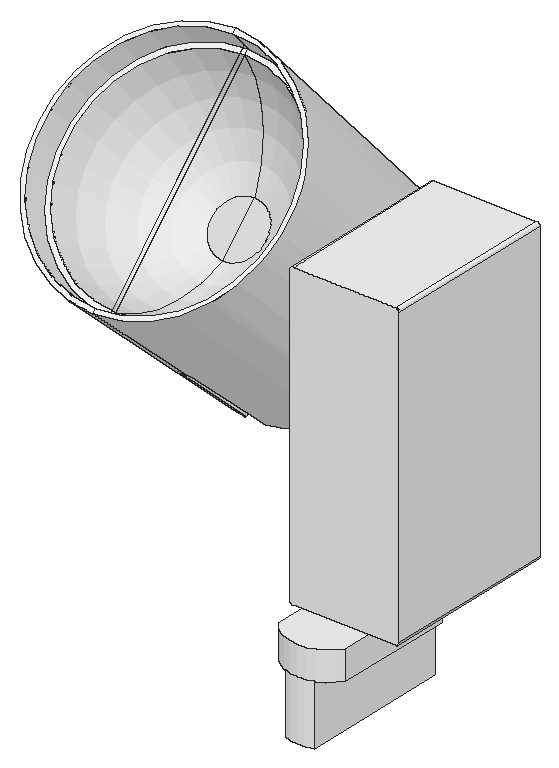
Revit family "0004882 Feilo Sylvania Lighting Fixture START TRACK SPOT L 55W 4K RA90 WB WHITE", category Lighting Fixtures, host Face, Revit 2017 (continued)
Definition of nested family "Start Track Spot Head"
  Types (96, lengths in mm): name | Wattage | built-in parameter 1150134 | Photometric Web File | Model | built-in parameter 1150105 | Lumens | built-in parameter 1150107 | built-in parameter 1150106 | HeadThickness_FEILO | HeadRibOffset_FEILO | HeadRibDepth_FEILO | HeadRibCutWidth_FEILO | HeadRibCutOffset_FEILO | HeadReflectorRadius_FEILO | HeadReflectorOffset_FEILO | HeadLEDRadius_FEILO | HeadHeight_FEILO | HeadDiffusorOffset_FEILO | HeadDiaOut_FEILO | HeadDiaIn_FEILO | HeadAxisFromTop_FEILO | Emit from Circle Diameter | built-in parameter 1150104 | Description | Apparent Load
    0004812 START TRACK SPOT S 14W 3K RA80 MB WHITE | 14 W | (empty or 0) | "0004812.ies" | "START TRACK SPOT S 14W 3K RA80 MB WHITE" | 120.32 (stored number, unit not read) | 1512 lm | 3000 (stored number, unit not read) | 1.2032 (stored number, unit not read) | 1.5 | 4.179 | 55.714 | 7.167 | 50.87 | 50.588 | 55.714 | 9.556 | 117 | 9.435 | 86 | 77.477 | 69.354 | 77.477 | 10.034 (stored number, unit not read) | "Integrated LED spotlight, Textured White - RAL9016, compact and minimalist design, ideal for retail applications, die-cast aluminium body, passive cooling heatsink. Beam angle: 36°, color temperature: 3000K , total system power: 14W, total fixture output: 1508 lm, LOR: 100%, colour rendering: Ra: 80 typical, LED Chromaticity: 3 step MacAdam ellipse, lifetime: >50000 hours at L70B50, energy class: A++, A+, A, IR/UV free light source without heat radiation, operating voltage: 220-240V / 50-60Hz, drive current: 350mA, electronic driver, non-dimmable, power factor: 0.92, electrical protection: Class II, Global Track 3 Phase adapter suitable for Global trac 3-circuit tracks, ingress protection rating: IP20, suitable for internal environment only, horizontal rotation: 355°, vertical tilt: 90°, dimensions: Ø86x140x200, weight: 0.940kg." | 14 VA
    0004811 START TRACK SPOT S 14W 3K RA80 NB WHITE | 14 W | (empty or 0) | "0004811.ies" | "START TRACK SPOT S 14W 3K RA80 NB WHITE" | 123.66 (stored number, unit not read) | 1554 lm | 3000 (stored number, unit not read) | 1.2366 (stored number, unit not read) | 1.5 | 4.179 | 55.714 | 7.167 | 50.87 | 50.588 | 55.714 | 9.556 | 117 | 9.435 | 86 | 77.477 | 69.354 | 77.477 | 10.312 (stored number, unit not read) | "Integrated LED spotlight, Textured White - RAL9016, compact and minimalist design, ideal for retail applications, die-cast aluminium body, passive cooling heatsink. Beam angle: 12°, color temperature: 3000K , total system power: 14W, total fixture output: 1551 lm, LOR: 100%, colour rendering: Ra: 80 typical, LED Chromaticity: 3 step MacAdam ellipse, lifetime: >50000 hours at L70B50, energy class: A++, A+, A, IR/UV free light source without heat radiation, operating voltage: 220-240V / 50-60Hz, drive current: 350mA, electronic driver, non-dimmable, power factor: 0.92, electrical protection: Class II, Global Track 3 Phase adapter suitable for Global trac 3-circuit tracks, ingress protection rating: IP20, suitable for internal environment only, horizontal rotation: 355°, vertical tilt: 90°, dimensions: Ø86x140x200, weight: 0.940kg." | 14 VA
  Reference planes
    plane 1 "Center (Front/Back)": y = 0
    plane 2: z = 0
    plane 3 "Center (Left/Right)": x = 0
    plane 4: x = 43
    plane 5: x = -43
    plane 6: x = -38.739
    plane 7: x = 38.739
    plane 8: z = 69.354
    plane 9: z = -47.646
    plane 10: x = -41.5
    plane 11: x = -37.239
    plane 12: z = -38.211
    plane 13: z = -35.211
    plane 14: z = 8.068
    plane 15: x = -9.556
    plane 16: x = -28.667
    plane 17: x = -19.111
    plane 18: x = -27.167
    plane 19: x = -17.611
    plane 20: x = -8.056
    plane 21: z = 13.64
    plane 22: x = -29.667
    plane 23: x = -26.167
    plane 24: x = -20.111
    plane 25: x = -16.611
    plane 26: x = -10.556
    plane 27: x = -7.056
    plane 28: x = -36.239
    plane 29: x = -40.5
    plane 30: z = 65.175
    plane 31: z = 60.997
    plane 32: z = 56.818
    plane 33: z = 18.484
    plane 34: y = -43
    plane 35: y = 43
    plane 36: y = 3.583
    plane 37: y = -3.583
    plane 38: y = -2.583
    plane 39: y = 2.583
    plane 40: y = 46
    plane 41: z = 13.5
    plane 42: z = -13.5
    plane 43: y = 39
    plane 44: x = 4.708
    plane 45: x = -2.458
    plane 46: x = -1.458
    plane 47: x = 1.458
  Forms (mm)
    Extrusion 1, solid
      sketch origin (4.2, 0, 0) x (1, 0, 0) y (0, 1, 0)
        loop
          line (-1219.2, 1219.2) -> (-1219.2, -1219.2) -> (1219.2, -1219.2) -> (1219.2, 1219.2) -> (-1219.2, 1219.2)
      from 0 to -68.017
    Revolve 2, solid, material <- "Material_1_FEILO", detail levels medium+fine
      sketch origin (0, 0, 0) x (1, 0, 0) y (0, 0, 1)
        loop
          line (-43, -47.646) -> (-41.5, -47.646) -> (-40.5, -35.211) -> (-38.739, -35.211)
          arc (-38.739, -35.211) -> (-30.16, -9.517) -> (-9.556, 8.068) r 50.588
          line (-9.556, 8.068) -> (0, 8.068) -> (0, 13.64) -> (-16.611, 13.64) -> (-17.611, 60.997) -> (-19.111, 60.997) -> (-20.111, 13.64) -> (-36.239, 13.64) -> (-37.239, 69.354) -> (-38.739, 69.354) -> (-43, -47.646)
        axis (0, 69.354) -> (0, -47.646)
      angle from 360 to 0
    Extrusion 3, void
      sketch origin (0, 0, 0) x (0, 1, 0) y (0, 0, 1)
        loop
          line (-3.583, 69.354) -> (-2.583, 18.484) -> (1.932, 18.484) -> (2.932, 69.354) -> (-3.583, 69.354)
      from 43 to -43
    Revolve 4, solid, material <- "Material_2_FEILO", detail levels medium+fine
      sketch origin (0, 0, 0) x (1, 0, 0) y (0, 0, 1)
        loop
          line (-41.5, -38.211) -> (0, -38.211) -> (0, -35.211) -> (-41.5, -35.211) -> (-41.5, -38.211)
        axis (0, -35.211) -> (0, -38.211)
      angle from 360 to 0
    Revolve 5, solid, material <- "Material_1_FEILO"
      sketch origin (0, 0, 0) x (0, 1, 0) y (0, 0, 1)
        loop
          line (46, 0) -> (39, 0) -> (39, -13.5) -> (46, -13.5) -> (46, 0)
        axis (39, 0) -> (46, 0)
      angle from 360 to 0
    Revolve 6, solid, material <- "Material_1_FEILO", detail levels medium+fine
      sketch origin (0, 0, 0) x (1, 0, 0) y (0, 0, 1)
        loop
          line (-29.667, 13.64) -> (-26.167, 13.64) -> (-27.167, 65.175) -> (-28.667, 65.175) -> (-29.667, 13.64)
        loop
          line (-10.556, 13.64) -> (-7.056, 13.64) -> (-7.833, 56.818) -> (-9.778, 56.818) -> (-10.556, 13.64)
        axis (0, 65.175) -> (0, 13.64)
      angle from 360 to 0
    Extrusion 7, void
      sketch origin (0, 0, 0) x (1, 0, 0) y (0, 0, 1)
        loop
          line (4.708, 69.354) -> (-2.458, 69.354) -> (-1.458, 13.64) -> (1.458, 13.64) -> (4.708, 69.354)
      from -43 to 43
    Revolve 8, solid, material <- "Material_1_FEILO", detail levels coarse
      sketch origin (0, 0, 0) x (1, 0, 0) y (0, 0, 1)
        loop
          line (0, 69.354) -> (-38.739, 69.354) -> (-43, -47.646) -> (-41.5, -47.646) -> (-40.731, -38.211) -> (0, -38.211) -> (0, 69.354)
        axis (0, 69.354) -> (0, -47.646)
      angle from 360 to 0
  Cuts and joins
    Extrusion 3 cuts Revolve 2
    Extrusion 7 cuts Revolve 6
  Dimensions and locks
    equal spacing: plane 7, plane 3 "Center (Left/Right)", plane 6
    equal spacing: plane 4, plane 3 "Center (Left/Right)", plane 5
    "HeadDiaOut_FEILO": plane 4 to plane 5
    "HeadDiaIn_FEILO": plane 7 to plane 6
    "HeadHeight_FEILO": plane 8 to plane 9
    "HeadThickness_FEILO": plane 10 to plane 5
    "HeadThickness_FEILO": plane 11 to plane 6
    "HeadDiffusorOffset_FEILO": plane 12 to plane 9
    "HeadDiffusorThickness_FEILO": plane 13 to plane 12
    "HeadReflectorOffset_FEILO": plane 14 to plane 9
    "HeadLEDRadius_FEILO": plane 3 "Center (Left/Right)" to plane 15
    "HeadLEDRadius_FEILO": plane 15 to plane 17
    "HeadLEDRadius_FEILO": plane 17 to plane 16
    "HeadThickness_FEILO": plane 18 to plane 16
    "HeadThickness_FEILO": plane 19 to plane 17
    "HeadThickness_FEILO": plane 20 to plane 15
    "HeadRibDepth_FEILO": plane 8 to plane 21
    "HeadDraft_FEILO": plane 16 to plane 22
    "HeadDraft_FEILO": plane 23 to plane 18
    "HeadDraft_FEILO": plane 17 to plane 24
    "HeadDraft_FEILO": plane 25 to plane 19
    "HeadDraft_FEILO": plane 15 to plane 26
    "HeadDraft_FEILO": plane 27 to plane 20
    "HeadDraft_FEILO": plane 29 to plane 10
    "HeadDraft_FEILO": plane 28 to plane 11
    "HeadRibOffset_FEILO": plane 8 to plane 30
    "HeadRibOffset_FEILO": plane 30 to plane 31
    "HeadRibOffset_FEILO": plane 31 to plane 32
    "HeadAxisFromTop_FEILO": plane 8 to plane 2
    "HeadRibCutOffset_FEILO": plane 8 to plane 33
    equal spacing: plane 34, plane 1 "Center (Front/Back)", plane 35
    "HeadDiaOut_FEILO": plane 34 to plane 35
    equal spacing: plane 38, plane 1 "Center (Front/Back)", plane 39
    equal spacing: plane 37, plane 1 "Center (Front/Back)", plane 36
    "HeadRibCutWidth_FEILO": plane 37 to plane 36
    "HeadDraft_FEILO": plane 37 to plane 38
    locked: plane 35 to plane 40 at 3
    equal spacing: plane 41, plane 2, plane 42
    locked: plane 42 to plane 41 at 27
    locked: plane 43 to plane 35 at 4
    equal spacing: plane 45, imposter light, plane 44
    "HeadDraft_FEILO": plane 46 to plane 45
    "HeadRibCutWidth_FEILO": plane 44 to plane 45
    equal spacing: plane 47, plane 3 "Center (Left/Right)", plane 46
    "HeadReflectorRadius_FEILO": radius of Revolve 2 sketch curve
    aligned and locked: plane 2 to Extrusion 1
    aligned and locked: level to Extrusion 1
    aligned and locked: Revolve 2 sketch curve to plane 3 "Center (Left/Right)"  (x2)
    aligned and locked: plane 9 to Revolve 2 sketch curve  (x2)
    aligned and locked: plane 5 to Revolve 2 sketch curve
    aligned and locked: plane 10 to Revolve 2 sketch curve
    aligned and locked: plane 14 to Revolve 2 sketch curve
    aligned and locked: plane 8 to Revolve 2 sketch curve
    aligned and locked: Revolve 2 sketch curve to plane 13
    aligned and locked: plane 12 to Revolve 4 sketch curve
    aligned and locked: plane 3 "Center (Left/Right)" to Revolve 4 sketch curve
    aligned and locked: Revolve 4 sketch curve to plane 10
    aligned and locked: Revolve 4 sketch curve to plane 3 "Center (Left/Right)"
    aligned and locked: plane 12 to imposter light
    aligned and locked: imposter light to plane 1 "Center (Front/Back)"
    aligned and locked: Revolve 5 sketch curve to plane 2
    aligned and locked: plane 43 to Revolve 5 sketch curve
    aligned and locked: plane 42 to Revolve 5 sketch curve
    aligned and locked: Revolve 6 sketch curve to plane 3 "Center (Left/Right)"
    aligned and locked: plane 22 to Revolve 6 sketch curve
    aligned and locked: plane 30 to Revolve 6 sketch curve
    aligned and locked: plane 23 to Revolve 6 sketch curve
    aligned and locked: Revolve 6 sketch curve to plane 21  (x2)
    aligned and locked: plane 21 to Revolve 6 sketch curve
    aligned and locked: plane 17 to Revolve 2 sketch curve
    aligned and locked: plane 19 to Revolve 2 sketch curve
    aligned and locked: plane 31 to Revolve 2 sketch curve
    aligned and locked: plane 21 to Revolve 2 sketch curve
    aligned and locked: Extrusion 3 to plane 8
    aligned and locked: plane 33 to Extrusion 3
    aligned and locked: plane 8 to Extrusion 3 sketch curve
    aligned and locked: Extrusion 3 sketch curve to plane 33
    aligned and locked: Extrusion 3 to plane 5
    aligned and locked: plane 4 to Extrusion 3
    aligned and locked: plane 32 to Revolve 6 sketch curve
    aligned and locked: plane 44 to Extrusion 7 sketch curve
    aligned and locked: Extrusion 7 sketch curve to plane 8
    aligned and locked: plane 46 to Extrusion 7 sketch curve
    aligned and locked: plane 21 to Extrusion 7 sketch curve
    aligned and locked: plane 34 to Extrusion 7
    aligned and locked: Extrusion 7 to plane 35
    aligned and locked: Revolve 4 sketch curve to plane 13
    aligned and locked: Revolve 5 sketch curve to plane 40
    aligned and locked: Revolve 8 sketch curve to plane 3 "Center (Left/Right)"
    aligned and locked: Revolve 8 sketch curve to cut or joined group of Revolve 2, Extrusion 3  (x3)
    aligned and locked: plane 5 to Revolve 8 sketch curve
    aligned and locked: plane 3 "Center (Left/Right)" to Revolve 8 sketch curve
    aligned and locked: plane 12 to Revolve 8 sketch curve
  Automatic sketch dimensions
    Extrusion 1 sketch curve to Extrusion 1 sketch curve = 2438.4 mm  (x2)
    Extrusion 3 sketch curve to plane 37 = 0 mm
    Extrusion 3 sketch curve to plane 38 = 0 mm
    plane 39 to Extrusion 3 sketch curve = 0.651 mm
    Extrusion 3 sketch curve to plane 39 = 0.349 mm
    Revolve 6 sketch curve to plane 16 = 0 mm
    Revolve 6 sketch curve to plane 18 = 0 mm
    Revolve 6 sketch curve to plane 26 = 0 mm
    Revolve 6 sketch curve to plane 27 = 0 mm
    Revolve 6 sketch curve to plane 15 = 0.222 mm
    plane 9 to Revolve 6 sketch curve = 559.103 mm
    Revolve 6 sketch curve to plane 8 = 2535.555 mm
    plane 20 to Revolve 6 sketch curve = 0.222 mm
    Revolve 2 sketch curve to plane 29 = 0 mm
    Revolve 2 sketch curve to plane 6 = 0 mm  (x2)
    Revolve 2 sketch curve to plane 11 = 0 mm
    Revolve 2 sketch curve to plane 21 = 0 mm
    Revolve 2 sketch curve to plane 28 = 0 mm
    Revolve 2 sketch curve to plane 24 = 0 mm
    Revolve 2 sketch curve to plane 25 = 0 mm
    Revolve 2 sketch curve to plane 15 = 0 mm
    Revolve 2 sketch curve to Revolve 2 sketch curve = 557.155 mm
    Revolve 2 sketch curve to plane 8 = 2535.558 mm
    Extrusion 7 sketch curve to plane 45 = 0 mm
    Extrusion 7 sketch curve to plane 47 = 0 mm
    plane 9 to Revolve 4 sketch curve = 559.103 mm
    Revolve 4 sketch curve to plane 8 = 2535.555 mm
    Revolve 5 sketch curve to level = 0 mm
    plane 34 to Revolve 5 sketch curve = 1968.092 mm
    Revolve 5 sketch curve to plane 40 = 1405.763 mm
    Revolve 8 sketch curve to plane 6 = 0 mm
    Revolve 8 sketch curve to plane 29 = 0.231 mm
    plane 9 to Revolve 8 sketch curve = 559.103 mm
    Revolve 8 sketch curve to Revolve 8 sketch curve = 2535.555 mm
Definition of nested family "Start Track Spot Box"
  Parameters (values of type "Type Large White")
    URL = "http://www.feilosylvania.com"
    Type Image = (empty or 0)
    Type Comments = "n/a"
    Small_FEILO = no
    Material_3_FEILO = none
    Model = ""
    Manufacturer = "Feilo Sylvania"
    Keynote = ""
    Material_2_FEILO = none
    Description = ""
    Default Elevation = 1219.2 mm
    Cost = 0
    Material_1_FEILO = none
    BoxWidth_FEILO = 49 mm
    BoxStartAngle_FEILO [instance] = 0.00°
    BoxRadius_FEILO = 1.5 mm
    BoxHeight_FEILO = if(Small_FEILO, 112 mm, 136 mm)  # 136 mm
    BoxEndAngle_FEILO [instance] = BoxStartAngle_FEILO - 180.00°  # -180.00°
    BoxDepth_FEILO = if(Small_FEILO, 71.5 mm, 79 mm)  # 79 mm
    BoxAxisVerticalOffset_FEILO = 16 mm
    BoxAxisOffset_FEILO = BoxHeight_FEILO / 6.8  # 20 mm
    Assembly Code = ""
    Material_4_FEILO = none
  Types (4, lengths in mm): name | Small_FEILO | BoxHeight_FEILO | BoxDepth_FEILO | BoxAxisOffset_FEILO
    Type Large White | no | 136 | 79 | 20
    Type Small White | yes | 112 | 71.5 | 16.471
    Type Small Black | yes | 112 | 71.5 | 16.471
    Type Large Black | no | 136 | 79 | 20
  Reference planes
    plane 1 "Center (Front/Back)": y = 0
    plane 2: z = 0
    plane 3 "Center (Left/Right)": x = 0
    plane 4: x = 24.5
    plane 5: x = -24.5
    plane 6: y = 68
    plane 7: y = -68
    plane 8: z = 39.5
    plane 9: z = -39.5
    plane 10: y = -48
    plane 11: x = 30.5
    plane 12: x = 8.5
    plane 13: x = 21.5
    plane 14: y = 70
    plane 15: y = 72
    plane 16: x = 19.5
  Forms (mm)
    Extrusion 1, solid
      sketch origin (4.2, 0, 0) x (1, 0, 0) y (0, 1, 0)
        loop
          line (-1219.2, 1219.2) -> (-1219.2, -1219.2) -> (1219.2, -1219.2) -> (1219.2, 1219.2) -> (-1219.2, 1219.2)
      from 0 to -68.017
    Extrusion 2, solid, material <- "Material_1_FEILO"
      sketch origin (0, 0, 0) x (1, 0, 0) y (0, 1, 0)
        loop
          arc (-23, 68) -> (-24.061, 67.561) -> (-24.5, 66.5) r 1.5
          line (-24.5, 66.5) -> (-24.5, -66.5)
          arc (-24.5, -66.5) -> (-24.061, -67.561) -> (-23, -68) r 1.5
          line (-23, -68) -> (23, -68)
          arc (23, -68) -> (24.061, -67.561) -> (24.5, -66.5) r 1.5
          line (24.5, -66.5) -> (24.5, 66.5)
          arc (24.5, 66.5) -> (24.061, 67.561) -> (23, 68) r 1.5
          line (23, 68) -> (-23, 68)
      from -39.5 to 39.5
    Revolve 3, solid, not visible
      sketch origin (0, 0, 0) x (1, 0, 0) y (0, 1, 0)
        loop
          line (30.5, -48) -> (24.5, -48) -> (24.5, -68) -> (30.5, -68) -> (30.5, -48)
        axis (30.5, -48) -> (24.5, -48)
      angle from 0 <- "BoxStartAngle_FEILO" to -180 <- "BoxEndAngle_FEILO"
    Revolve 4, solid, material <- "Material_2_FEILO"
      sketch origin (0, 0, 0) x (1, 0, 0) y (0, 1, 0)
        loop
          line (8.5, 68) -> (19.5, 68) -> (19.5, 70) -> (21.5, 70) -> (21.5, 72) -> (8.5, 72) -> (8.5, 68)
        axis (8.5, 72) -> (8.5, 68)
      angle from 360 to 0
  Dimensions and locks
    equal spacing: plane 5, plane 3 "Center (Left/Right)", plane 4
    "BoxWidth_FEILO": plane 5 to plane 4
    equal spacing: plane 7, plane 1 "Center (Front/Back)", plane 6
    "BoxHeight_FEILO": plane 7 to plane 6
    equal spacing: plane 8, plane 2, plane 9
    "BoxDepth_FEILO": plane 8 to plane 9
    "BoxAxisOffset_FEILO": plane 7 to plane 10
    locked: plane 4 to plane 11 at 6
    "BoxAxisVerticalOffset_FEILO": plane 12 to plane 4
    locked: plane 12 to plane 13 at 13
    plane 6 to plane 14 to plane 15 = 2 mm locked, 2 mm locked
    locked: plane 12 to plane 16 at 11
    "BoxRadius_FEILO": radius of Extrusion 2 sketch curve  (x4)
    aligned and locked: plane 2 to Extrusion 1
    aligned and locked: level to Extrusion 1
    aligned and locked: plane 6 to Extrusion 2 sketch curve
    aligned and locked: plane 5 to Extrusion 2 sketch curve
    aligned and locked: Extrusion 2 sketch curve to plane 7
    aligned and locked: Extrusion 2 sketch curve to plane 4
    aligned and locked: Extrusion 2 to plane 8
    aligned and locked: plane 9 to Extrusion 2
    aligned and locked: Revolve 3 sketch curve to plane 10  (x2)
    aligned and locked: plane 11 to Revolve 3 sketch curve
    aligned and locked: Revolve 3 sketch curve to plane 4
    aligned and locked: plane 7 to Revolve 3 sketch curve
    aligned and locked: Revolve 4 sketch curve to plane 12
    aligned and locked: plane 6 to Revolve 4 sketch curve
    aligned and locked: plane 12 to Revolve 4 sketch curve
    aligned and locked: plane 15 to Revolve 4 sketch curve
    aligned and locked: Revolve 4 sketch curve to plane 13
    aligned and locked: Revolve 4 sketch curve to plane 14
    aligned and locked: Revolve 4 sketch curve to plane 16
    aligned and locked: Revolve 4 sketch curve to plane 6
  Automatic sketch dimensions
    Extrusion 1 sketch curve to Extrusion 1 sketch curve = 2438.4 mm  (x2)
    Revolve 3 sketch curve to plane 5 = 1499.5 mm
    plane 11 to Revolve 3 sketch curve = 1493.5 mm
    plane 15 to Revolve 4 sketch curve = 0 mm
    plane 7 to Revolve 4 sketch curve = 1456 mm
    Revolve 4 sketch curve to plane 15 = 1452 mm
